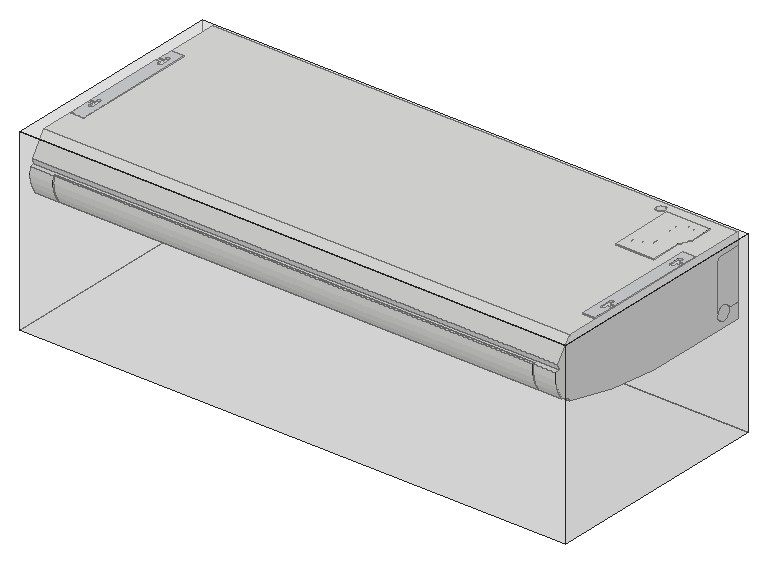
Revit family "outputfile", category 機械設備, Revit 2024
Family settings
  丸型コネクタ寸法 = 半径を使用
  パーツ タイプ = 標準
  OmniClass 番号 = 23.75.10.24.21.27.27
  OmniClass タイトル = Split System Air Conditioning Units
  作業面ベース = いいえ
  常に垂直 = はい
  ロード時にボイドで切り取り = いいえ
  注釈の向きを維持 = いいえ
  共有 = いいえ
  部屋計算ポイント = はい
Parameters (values of type "FHA100CVMV")
  Description = ""
  製造元 = "Daikin"
  書き出し IFC クラス(タイプ) = "IfcUnitaryEquipmentType"
  定義済み IFC タイプ(タイプ) = "AIRCONDITIONINGUNIT"
  Cost = 0
  モデル = "FHA100CVMV"
  Type Comments = ""
  Keynote = ""
  Type Image = (empty or 0)
  Assembly Code = ""
  switch_frequency = yes
  r_Liquid Pipe Size = Liquid Pipe Size / 2  # 4.75 mm
  r_Gas Pipe Size = Gas Pipe Size / 2  # 7.95 mm
  r_Drain Pipe Size = Drain Pipe Size / 2  # 10.0 mm
  l_powersupply [instance] = if(Rear Right Connection_powersupply, 29.0 mm, 175.0 mm)  # 29.0 mm
  h_mountinghole = 2.0 mm  # constant formula
  connector_voltage = Voltage_50Hz  # 230 V
  connector_powerinput = [Power Input (Cooling)]  # 3.240 kW
  connector_phase = Phase_50Hz  # 1
  angle_vertical_powersupply [instance] = if(Rear Right Connection_powersupply, 90.00°, 180.00°)  # 90.00°
  angle_vertical_drainpipe [instance] = if(or(Left Connection_drainpipe, Right Connection_drainpipe), 90.00°, if(Top Connection_drainpipe, 180.00°, -90.00°))  # -90.00°
  angle_horizontal_powersupply [instance] = if(Rear Right Connection_powersupply, 180.00°, 0.00°)  # 180.00°
  angle_horizontal_drainpipe [instance] = if(Right Connection_drainpipe, 90.00°, if(Left Connection_drainpipe, -90.00°, 0.00°))  # 0.00°
  Voltage_comment_60Hz = "220-230"
  Voltage_comment_50Hz = "220 - 240"
  Voltage_60Hz = 220 V
  Voltage_50Hz = 230 V
  URL = ""
  Top Connection_refrigerant [instance] = no
  Top Connection_powersupply [instance] = not(Rear Right Connection_powersupply)  # no
  Right Connection_refrigerant [instance] = no
  Rear Right Connection_refrigerant [instance] = yes
  Phase_60Hz = 1
  Phase_50Hz = 1
  Minimum Circuit Amps_60Hz = 0.0 A
  Minimum Circuit Amps_50Hz = 0.0 A
  Maximum Fuse Amps_60Hz = 0.0 A
  Maximum Fuse Amps_50Hz = 0.0 A
  Material_Casing = DAIKIN_White_Casing_indoorunit
  lw_powersupply [instance] = if(Rear Right Connection_powersupply, 220.0 mm, 210.0 mm)  # 220.0 mm
  lw_mountinghole_pitch = Width - 40.0 mm  # 1550.0 mm
  lw_mountinghole = 20.0 mm  # constant formula
  lw_liquidpipe [instance] = if(Right Connection_refrigerant, 156.0 mm, if(Top Connection_refrigerant, 156.0 mm, 136.0 mm))  # 136.0 mm
  lw_gaspipe = 105.0 mm  # constant formula
  lw_drainpipe [instance] = if(Top Connection_drainpipe, 102.0 mm, if(Width = 960.0 mm, if(or(Left Connection_drainpipe, Rear Left Connection_drainpipe), 884.0 mm, 83.0 mm), if(Width = 1270.0 mm, if(or(Left Connection_drainpipe, Rear Left Connection_drainpipe), 1194.0 mm, 83.0 mm), if(Width = 1590.0 mm, if(or(Left Connection_drainpipe, Rear Left Connection_drainpipe), 1514.0 mm, 83.0 mm), 83.0 mm))))  # 83.0 mm
  lh_powersupply = 175.0 mm  # constant formula
  lh_liquidpipe [instance] = if(Rear Right Connection_refrigerant, 160.0 mm, 131.0 mm)  # 160.0 mm
  lh_gaspipe [instance] = if(Rear Right Connection_refrigerant, 150.0 mm, 91.0 mm)  # 150.0 mm
  lh_drainpipe = 197.0 mm  # constant formula
  l_antena = 1.0 mm  # constant formula
  ld_powersupply = 30.0 mm  # constant formula
  ld_mountinghole_pitch = 260.0 mm  # constant formula
  ld_mountinghole = 210.0 mm  # constant formula
  ld_liquidpipe [instance] = if(Right Connection_refrigerant, 57.0 mm, if(Top Connection_refrigerant, 189.0 mm, 221.0 mm))  # 221.0 mm
  ld_gaspipe [instance] = if(Right Connection_refrigerant, 57.0 mm, if(Top Connection_refrigerant, 163.0 mm, 214.0 mm))  # 214.0 mm
  ld_drainpipe [instance] = if(or(Left Connection_drainpipe, Right Connection_drainpipe), 57.0 mm, if(Top Connection_drainpipe, 87.0 mm, 268.0 mm))  # 268.0 mm
  l_liquidpipe_length [instance] = if(Right Connection_refrigerant, 156.0 mm, if(Top Connection_refrigerant, 131.0 mm, 220.0 mm))  # 220.0 mm
  l_gaspipe_length [instance] = if(Right Connection_refrigerant, 105.0 mm, if(Top Connection_refrigerant, 91.0 mm, 213.0 mm))  # 213.0 mm
  l_drainpipe_length [instance] = if(Right Connection_drainpipe, 83.0 mm, if(Top Connection_drainpipe, 197.0 mm, if(Left Connection_drainpipe, 76.0 mm, 267.0 mm)))  # 267.0 mm
  h*** = 0.0 mm  # constant formula
  angle_vertical [instance] = if(Right Connection_refrigerant, 90.00°, if(Top Connection_refrigerant, 180.00°, -90.00°))  # -90.00°
  angle_horizontal [instance] = if(Right Connection_refrigerant, 90.00°, 0.00°)  # 0.00°
  Width = 1590.0 mm
  Version = "ver.1.0"
  Unit Type = "Ceiling"
  Unit Mass Weight = 38.00 kg
  Unit Designation [instance] = ""
  Uniclass2015Version = "Products v1.30"
  Uniclass2015Title = "Split coil room air conditioning units"
  Uniclass2015Code = "Pr_70_65_03_86"
  Total Cooling Capacity [instance] = 0.000 kW
  Top Connection_drainpipe [instance] = no
  Sound Pressure Level_M speed (dBA) = 38
  Sound Pressure Level_L speed (dBA) = 34
  Sound Pressure Level_H speed (dBA) = 42
  Series = "SkyAir_Fan Coil Unit"
  Sensible Cooling Capacity [instance] = 0.000 kW
  Rear Right Connection_drainpipe [instance] = yes
  Rear Right Connection_powersupply [instance] = yes
  Right Connection_drainpipe [instance] = no
  Refrigerant Type = "R32"
  Power Input (Cooling) = 3.240 kW
  Option Accessory 3 [instance] = ""
  Option Accessory 2 [instance] = ""
  Option Accessory 1 [instance] = ""
  Nominal Cooling Capacity = 10.000 kW
  Minimum Airflow = 1200.00 m³/h
  Median Airflow = 1440.00 m³/h
  Maximum Airflow = 1680.00 m³/h
  Load Classification = HVAC
  Liquid Pipe Size = 9.5 mm
  Link_Nested Family [instance] = ""
  Rear Left Connection_drainpipe [instance] = no
  Left Connection_drainpipe [instance] = no
  IfcVersion = ""
  IfcExportType = "AIRCONDITIONINGUNIT"
  IfcExportAs = "IfcUnitaryEquipmentType"
  Height = 235.0 mm
  Heat Exchanger Type = "Cross Fin Coil"
  Gas Pipe Size = 15.9 mm
  Frequency_60Hz = 60 Hz
  Frequency_50Hz = 50 Hz
  Fan Type = "Sirocco Fan"
  Fan Drive = "-"
  FCU Tag No. [instance] = ""
  Drain Pipe Size = 20.0 mm
  Design Supply Airflow [instance] = 0.00 m³/h
  Design Outdoor Airflow [instance] = 0.00 m³/h
  Depth = 690.0 mm
  既定の高さ = 0.0 mm
  Cooling Entering Wet Bulb Temperature [instance] = 0.00 °C
  Cooling Entering Dry Bulb Temperature [instance] = 0.00 °C
  Cooling Ambient Wet Bulb Temperature [instance] = 0.00 °C
  Cooling Ambient Dry Bulb Temperature [instance] = 0.00 °C
  Clearance visibility [instance] = yes
  Clearance Top = 5.0 mm
  Clearance Right = 30.0 mm
  Clearance Rear = 0.0 mm
  Clearance Left = 30.0 mm
  Clearance Front = 0.0 mm
  Clearance Bottom = 300.0 mm
Reference planes
  plane 1 "Back": y = 0
  plane 2: z = 0
  plane 3 "Center (Left/Right)": x = 0
  plane 4 "Center (Front/Back)": y = -1
  plane 5 "Front": y = -690
  plane 6 "Left": x = -795
  plane 7 "Right": x = 795
  plane 8 "Top": z = 0
  plane 9 "Bottom": z = -235
  plane 10: y = -690
  plane 11: x = -825
  plane 12: x = 825
  plane 13: z = 5
  plane 14: z = -535
  plane 15: y = 0
  plane 16 "lw_mountinghole": x = -775
  plane 17 "lw_mountinghole2": x = 775
  plane 18 "ld_mountinghole": y = -210
  plane 19 "ld_mountinghole2": y = -470
  plane 20 "lw_gaspipe": x = 690
  plane 21 "ld_gaspipe": y = -214
  plane 22 "lh_gaspipe": z = -150
  plane 23 "lw_liquidpipe": x = 659
  plane 24 "ld_liquidpipe": y = -221
  plane 25 "lh_liquidpipe": z = -160
  plane 26 "ld_drainpipe": y = -268
  plane 27 "lw_drainpipe": x = 712
  plane 28 "lh_drainpipe": z = -197
  plane 29 "lw_powersupply": x = 575
  plane 30 "lh_powersupply": z = -175
  plane 31 "ld_powersupply": y = -30
  plane 32: x = -725.5
  plane 33: x = 725.5
  plane 34: x = -750
  plane 35: x = 750
  plane 36: x = -2
  plane 37: x = 2
Forms (mm)
  Extrusion 1, solid, material "DAIKIN_White_Casing_indoorunit" <- "Material_Casing"
    sketch origin (0, 0, 0) x (0, 1, 0) y (0, 0, 1)
      loop
        line (-639.277, 0) -> (-680.876, -61.699) -> (-675.026, -77.772)
        arc (-675.026, -77.772) -> (-681.815, -78.743) -> (-688.601, -79.732) r 2634.132
        arc (-688.601, -79.732) -> (-687.018, -121.096) -> (-669.159, -158.439) r 102.2
        line (-669.159, -158.439) -> (-639.858, -169.325) -> (-635.895, -178.261)
        arc (-635.895, -178.261) -> (-479.121, -215.759) -> (-319.077, -235) r 1400.997
        line (-319.077, -235) -> (-1, -235) -> (-1, 0) -> (-639.277, 0)
    from -795 to 795
  Extrusion 2, solid, material "DAIKIN_White_Casing_indoorunit" <- "Material_Casing"
    sketch origin (0, 0, 0) x (0, 1, 0) y (0, 0, 1)
      loop
        arc (-688.601, -79.732) -> (-687.018, -121.096) -> (-669.159, -158.439) r 102.2
        line (-669.159, -158.439) -> (-665.589, -154.869)
        arc (-665.589, -154.869) -> (-682.432, -118.783) -> (-683.39, -78.971) r 97.2
        arc (-683.39, -78.971) -> (-685.996, -79.351) -> (-688.601, -79.732) r 2634.132
    from -725.5 to 725.5
  Extrusion 3, void
    sketch origin (0, 0, 0) x (0, 1, 0) y (0, 0, 1)
      loop
        line (-301.098, -235) -> (-21.098, -235) -> (-21.098, -230) -> (-301.098, -230) -> (-301.098, -235)
    from -750 to 750
  Extrusion 4, solid, material "DAIKIN_White_Grille_indoorunit"
    sketch origin (0, 0, 0) x (0, 1, 0) y (0, 0, 1)
      loop
        line (-20.098, -230) -> (-301.098, -230) -> (-301.098, -235) -> (-20.098, -235) -> (-20.098, -230)
    from -750 to -2
  Extrusion 5, solid, material "DAIKIN_White_Casing_indoorunit" <- "Material_Casing"
    sketch origin (0, 0, 0) x (1, 0, 0) y (0, 0, 1)
      loop
        line (602, -63) -> (602, -178) -> (673, -220) -> (736, -220) -> (736, -63) -> (602, -63)
    from 0 to 1
  Extrusion 6, solid, material "DAIKIN_White_Casing_indoorunit" <- "Material_Casing"
    sketch origin (0, 0, 0) x (-1, 0, 0) y (0, -1, 0)
      loop
        line (-607, 35) -> (-607, 230) -> (-723, 230) -> (-723, 135) -> (-738, 105) -> (-738, 35) -> (-607, 35)
    from 0 to 1.9
  Extrusion 7, void
    sketch origin (795, 0, 0) x (0, 1, 0) y (0, 0, 1)
      loop
        arc (-79.5, -195) -> (-55.446, -217.446) -> (-34.715, -191.9) r 22.5
        line (-34.715, -191.9) -> (-1, -191.9) -> (-1, -190.1) -> (-35.04, -190.1)
        arc (-35.04, -190.1) -> (-54.942, -172.594) -> (-77.7, -186.182) r 22.5
        line (-77.7, -186.182) -> (-77.7, -43)
        arc (-77.7, -43) -> (-76.528, -40.172) -> (-73.7, -39) r 4
        line (-73.7, -39) -> (-1, -39) -> (-1, -37.2) -> (-73.7, -37.2)
        arc (-73.7, -37.2) -> (-77.801, -38.899) -> (-79.5, -43) r 5.8
        line (-79.5, -43) -> (-79.5, -195)
      loop
        circle (-57, -195) r 20.7
    from 0 to -10
  Extrusion 8, void
    sketch origin (-1444.026, -1, 1200) x (1, 0, 0) y (0, 0, 1)
      loop
        arc (715.026, -1375) -> (704.42, -1379.393) -> (700.026, -1390) r 15
        line (700.026, -1390) -> (700.026, -1400)
        arc (700.026, -1400) -> (704.42, -1410.607) -> (715.026, -1415) r 15
        line (715.026, -1415) -> (745.026, -1415)
        arc (745.026, -1415) -> (755.633, -1410.607) -> (760.026, -1400) r 15
        line (760.026, -1400) -> (760.026, -1390)
        arc (760.026, -1390) -> (755.633, -1379.393) -> (745.026, -1375) r 15
        line (745.026, -1375) -> (715.026, -1375)
    from 0 to 10
  Extrusion 9, void
    sketch origin (-795, 0, 0) x (0, 1, 0) y (0, 0, 1)
      loop
        circle (-57, -197) r 22.5
    from 0 to 10
  Extrusion 10, void
    sketch origin (-1444.026, -1, 1200) x (1, 0, 0) y (0, 0, 1)
      loop
        circle (2136.026, -1375) r 44
    from 0 to 10
  Extrusion 11, void
    sketch origin (0, 0, 0) x (-1, 0, 0) y (0, -1, 0)
      loop
        circle (-693, 87) r 30
    from 0 to -10
  Extrusion 12, void
    sketch origin (0, 0, 0) x (-1, 0, 0) y (0, -1, 0)
      loop
        circle (-690, 163) r 18
    from 0 to -10
  Extrusion 13, void
    sketch origin (0, 0, 0) x (-1, 0, 0) y (0, -1, 0)
      loop
        circle (-639, 189) r 13
    from 0 to -10
  Extrusion 14, void
    sketch origin (-1444.026, -1, 1200) x (1, 0, 0) y (0, 0, 1)
      loop
        circle (2019.026, -1375) r 14.5
    from 0 to 10
  Extrusion 15, void
    sketch origin (0, 0, 0) x (-1, 0, 0) y (0, -1, 0)
      loop
        circle (-585, 30) r 14.5
    from 0 to -10
  Extrusion 16, void
    sketch origin (795, 0, 0) x (0, 1, 0) y (0, 0, 1)
      loop
        arc (-665.589, -154.869) -> (-682.432, -118.783) -> (-683.39, -78.971) r 97.2
        arc (-683.39, -78.971) -> (-685.996, -79.351) -> (-688.601, -79.732) r 2634.132
        arc (-688.601, -79.732) -> (-687.018, -121.096) -> (-669.159, -158.439) r 102.2
        line (-669.159, -158.439) -> (-665.589, -154.869)
    from -69.5 to -1520.5
  Extrusion 17, solid, material "DAIKIN_White_Casing_indoorunit" <- "Material_Casing"
    sketch origin (-795, 0, 0) x (0, 1, 0) y (0, 0, 1)
      loop
        circle (-57, -197) r 22.5
    from 0 to 10
  Extrusion 18, solid, material "DAIKIN_White_Grille_indoorunit"
    sketch origin (780, 0, 0) x (0, 1, 0) y (0, 0, 1)
      loop
        line (-20.098, -230) -> (-301.098, -230) -> (-301.098, -235) -> (-20.098, -235) -> (-20.098, -230)
    from -782 to -778
  Extrusion 19, solid, material "DAIKIN_White_Grille_indoorunit"
    sketch origin (0, 0, 0) x (0, 1, 0) y (0, 0, -1)
      loop
        line (-20.098, 230) -> (-20.098, 235) -> (-301.098, 235) -> (-301.098, 230) -> (-20.098, 230)
    from -750 to -2
Cuts and joins
  Extrusion 3, Extrusion 7, Extrusion 8, Extrusion 9, Extrusion 10, Extrusion 11, Extrusion 12, Extrusion 13, Extrusion 14, Extrusion 15, Extrusion 16 cuts Extrusion 1
Lines and regions (mm)
  reference lines
    curve 1: line (795, -580.282, -192.75) -> (795, -551.225, -200.21)
Dimensions and locks
  equal spacing: plane 6 "Left", plane 3 "Center (Left/Right)", plane 7 "Right"
  "Width": plane 6 "Left" to plane 7 "Right"
  "Depth": plane 5 "Front" to plane 1 "Back"
  "Height": plane 8 "Top" to plane 9 "Bottom"
  "Clearance Front": plane 10 to plane 5 "Front"
  "Clearance Left": plane 11 to plane 6 "Left"
  "Clearance Right": plane 7 "Right" to plane 12
  "Clearance Top": plane 13 to plane 8 "Top"
  "Clearance Bottom": plane 9 "Bottom" to plane 14
  "Clearance Rear": plane 1 "Back" to plane 15
  locked: plane 4 "Center (Front/Back)" to plane 1 "Back" at 1
  locked: Extrusion 1 sketch curve to Extrusion 1 sketch curve at 235
  locked: Extrusion 1 sketch curve to Extrusion 1 sketch curve at 318.077
  locked: Extrusion 1 sketch curve to Extrusion 1 sketch curve at 1163.297
  locked: Extrusion 1 sketch curve to Extrusion 1 sketch curve at 231.144
  Extrusion 3 sketch curve to Extrusion 3 sketch curve to plane 1 "Back" = 280.0 mm locked, 21.098 mm locked
  "ld_mountinghole": plane 18 "ld_mountinghole" to plane 1 "Back"
  "ld_mountinghole_pitch": plane 18 "ld_mountinghole" to plane 19 "ld_mountinghole2"
  "lw_mountinghole_pitch": plane 16 "lw_mountinghole" to plane 17 "lw_mountinghole2"
  "lw_mountinghole": plane 6 "Left" to plane 16 "lw_mountinghole"
  "lw_gaspipe": plane 20 "lw_gaspipe" to plane 7 "Right"
  "ld_gaspipe": plane 1 "Back" to plane 21 "ld_gaspipe"
  "lw_liquidpipe": plane 23 "lw_liquidpipe" to plane 7 "Right"
  "ld_liquidpipe": plane 1 "Back" to plane 24 "ld_liquidpipe"
  "lw_drainpipe": plane 27 "lw_drainpipe" to plane 7 "Right"
  "ld_drainpipe": plane 26 "ld_drainpipe" to plane 1 "Back"
  plane 8 "Top" to Extrusion 5 sketch curve to Extrusion 5 sketch curve = 63.0 mm locked, 157.0 mm locked
  plane 7 "Right" to Extrusion 5 sketch curve to Extrusion 5 sketch curve = 59.0 mm locked, 134.0 mm locked
  locked: Extrusion 5 sketch curve to Extrusion 5 sketch curve at 115
  locked: Extrusion 5 sketch curve to Extrusion 5 sketch curve at 63
  locked: Extrusion 6 sketch curve to Extrusion 6 sketch curve at 195
  locked: Extrusion 6 sketch curve to Extrusion 6 sketch curve at 116
  locked: Extrusion 6 sketch curve to Extrusion 6 sketch curve at 131
  locked: Extrusion 6 sketch curve to Extrusion 6 sketch curve at 100
  locked: Extrusion 6 sketch curve to plane 1 "Back" at 35
  locked: Extrusion 6 sketch curve to plane 7 "Right" at 57
  locked: Extrusion 8 sketch curve to Extrusion 8 sketch curve at 40
  locked: Extrusion 8 sketch curve to Extrusion 8 sketch curve at 60
  locked: plane 8 "Top" to Extrusion 8 sketch curve at 175
  locked: Extrusion 8 sketch curve to plane 6 "Left" at 51
  locked: plane 7 "Right" to Extrusion 10 sketch curve at 103
  locked: plane 8 "Top" to Extrusion 10 sketch curve at 175
  locked: Extrusion 11 sketch curve to plane 1 "Back" at 87
  locked: Extrusion 11 sketch curve to plane 7 "Right" at 102
  locked: Extrusion 12 sketch curve to plane 1 "Back" at 163
  locked: Extrusion 12 sketch curve to plane 7 "Right" at 105
  locked: Extrusion 13 sketch curve to plane 1 "Back" at 189
  locked: Extrusion 13 sketch curve to plane 7 "Right" at 156
  "lw_powersupply": plane 29 "lw_powersupply" to plane 7 "Right"
  "lh_gaspipe": plane 8 "Top" to plane 22 "lh_gaspipe"
  "lh_liquidpipe": plane 8 "Top" to plane 25 "lh_liquidpipe"
  "lh_powersupply": plane 8 "Top" to plane 30 "lh_powersupply"
  "lh_drainpipe": plane 8 "Top" to plane 28 "lh_drainpipe"
  "ld_powersupply": plane 1 "Back" to plane 31 "ld_powersupply"
  locked: plane 8 "Top" to Extrusion 7 sketch curve at 195
  locked: Extrusion 7 sketch curve to plane 1 "Back" at 57
  locked: plane 9 "Bottom" to Extrusion 7 sketch curve at 43.1
  locked: Extrusion 7 sketch curve to plane 8 "Top" at 39
  locked: Extrusion 7 sketch curve to plane 1 "Back" at 79.5
  locked: Extrusion 9 sketch curve to plane 1 "Back" at 57
  locked: plane 8 "Top" to Extrusion 9 sketch curve at 197
  locked: Extrusion 17 sketch curve to plane 1 "Back" at 57
  locked: plane 8 "Top" to Extrusion 17 sketch curve at 197
  locked: plane 7 "Right" to Extrusion 14 sketch curve at 220
  locked: plane 8 "Top" to Extrusion 14 sketch curve at 175
  locked: Extrusion 15 sketch curve to plane 7 "Right" at 210
  locked: Extrusion 15 sketch curve to plane 1 "Back" at 30
  locked: curve 1 to plane 9 "Bottom" at 34.79
  locked: curve 1 to plane 9 "Bottom" at 42.25
  locked: plane 6 "Left" to plane 32 at 69.5
  locked: plane 33 to plane 7 "Right" at 69.5
  locked: plane 35 to plane 7 "Right" at 45
  locked: plane 6 "Left" to plane 34 at 45
  plane 36 to plane 3 "Center (Left/Right)" to plane 37 = 2.0 mm locked, 2.0 mm locked
  locked: curve 1 to plane 9 "Bottom" (angle 14.40°)
  aligned and locked: level to plane 2
  aligned and locked: nested 1 to plane 11
  aligned and locked: nested 1 to plane 12
  aligned and locked: nested 1 to plane 10
  aligned and locked: plane 13 to nested 1
  aligned and locked: plane 14 to nested 1
  aligned and locked: plane 15 to nested 1
  aligned and locked: Extrusion 1 sketch curve to plane 8 "Top"
  aligned and locked: Extrusion 2 sketch curve to Extrusion 1  (x2)
  aligned and locked: plane 7 "Right" to Extrusion 1
  aligned and locked: Extrusion 1 to plane 6 "Left"
  aligned and locked: cut or joined group 1 (Extrusion 1, Extrusion 3, Extrusion 7, Extrusion 8, Extrusion 9, Extrusion 10, Extrusion 11, Extrusion 12, Extrusion 13, Extrusion 14, Extrusion 15, Extrusion 16) to Extrusion 3 sketch curve
  aligned and locked: cut or joined group 1 to Extrusion 4 sketch curve
  aligned and locked: Extrusion 5 to plane 4 "Center (Front/Back)"
  aligned and locked: Extrusion 7 sketch curve to plane 4 "Center (Front/Back)"
  aligned and locked: Extrusion 16 sketch curve to Extrusion 2  (x4)
  aligned and locked: Extrusion 16 to Extrusion 2  (x2)
  aligned and locked: nested 2 to plane 26 "ld_drainpipe"
  aligned and locked: plane 27 "lw_drainpipe" to nested 2
  aligned and locked: plane 20 "lw_gaspipe" to nested 3
  aligned and locked: nested 3 to plane 21 "ld_gaspipe"
  aligned and locked: plane 23 "lw_liquidpipe" to nested 4
  aligned and locked: nested 4 to plane 24 "ld_liquidpipe"
  aligned and locked: plane 25 "lh_liquidpipe" to nested 4
  aligned and locked: nested 5 to plane 31 "ld_powersupply"
  aligned and locked: plane 29 "lw_powersupply" to nested 5
  aligned and locked: nested 7 to plane 18 "ld_mountinghole"
  aligned and locked: plane 16 "lw_mountinghole" to nested 7
  aligned and locked: nested 6 to plane 19 "ld_mountinghole2"
  aligned and locked: plane 16 "lw_mountinghole" to nested 6
  aligned and locked: nested 9 to plane 18 "ld_mountinghole"
  aligned and locked: plane 17 "lw_mountinghole2" to nested 9
  aligned and locked: plane 17 "lw_mountinghole2" to nested 8
  aligned and locked: nested 8 to plane 19 "ld_mountinghole2"
  aligned and locked: nested 10 to curve 1
  aligned and locked: level to plane 8 "Top"
  aligned and locked: cut or joined group 1 to plane 32
  aligned and locked: plane 33 to cut or joined group 1
  aligned and locked: Extrusion 16 to plane 32
  aligned and locked: plane 33 to Extrusion 16
  aligned and locked: Extrusion 4 to plane 34
  aligned and locked: cut or joined group 1 to plane 34
  aligned and locked: plane 34 to Extrusion 4  (x3)
  aligned and locked: plane 16 "lw_mountinghole" to nested 11
  aligned and locked: plane 17 "lw_mountinghole2" to nested 12
  aligned and locked: plane 36 to Extrusion 4
  aligned and locked: Extrusion 18 to plane 36
  aligned and locked: plane 37 to Extrusion 18
  aligned and locked: Extrusion 19 to plane 37
  aligned and locked: plane 37 to Extrusion 19
  aligned and locked: plane 35 to Extrusion 19
  aligned and locked: plane 35 to Extrusion 3
  aligned and locked: Extrusion 4 to cut or joined group 1
  aligned and locked: cut or joined group 1 to Extrusion 18
  aligned and locked: cut or joined group 1 to Extrusion 19
Automatic sketch dimensions
  Extrusion 1 sketch curve to plane 4 "Center (Front/Back)" = 0.0 mm
  Extrusion 1 sketch curve to plane 5 "Front" = 102.2 mm
  Extrusion 1 sketch curve to plane 30 "lh_powersupply" = 3.261 mm
  Extrusion 1 sketch curve to plane 5 "Front" = 50.723 mm
  plane 30 "lh_powersupply" to Extrusion 1 sketch curve = 5.675 mm
  Extrusion 1 sketch curve to Extrusion 1 sketch curve = 3.963 mm
  plane 25 "lh_liquidpipe" to Extrusion 1 sketch curve = 1.561 mm
  Extrusion 1 sketch curve to plane 5 "Front" = 20.841 mm
  Extrusion 1 sketch curve to plane 5 "Front" = 14.974 mm
  Extrusion 1 sketch curve to plane 5 "Front" = 9.124 mm
  Extrusion 1 sketch curve to plane 26 "ld_drainpipe" = 37.278 mm
  Extrusion 1 sketch curve to plane 14 = 2150.825 mm
  plane 22 "lh_gaspipe" to Extrusion 1 sketch curve = 53.413 mm
  Extrusion 1 sketch curve to level = 77.772 mm
  Extrusion 1 sketch curve to Extrusion 1 sketch curve = 16.072 mm
  Extrusion 2 sketch curve to Extrusion 2 sketch curve = 0.0 mm  (x2)
  plane 25 "lh_liquidpipe" to Extrusion 2 sketch curve = 1.561 mm
  Extrusion 2 sketch curve to plane 22 "lh_gaspipe" = 4.869 mm
  Extrusion 2 sketch curve to Extrusion 2 sketch curve = 3.57 mm
  Extrusion 3 sketch curve to Extrusion 3 sketch curve = 5.0 mm
  plane 31 "ld_powersupply" to Extrusion 4 sketch curve = 9.902 mm
  Extrusion 4 sketch curve to Extrusion 4 sketch curve = 5.0 mm
  Extrusion 6 sketch curve to Extrusion 6 sketch curve = 30.0 mm
  Extrusion 7 sketch curve to Extrusion 7 sketch curve = 0.0 mm  (x6)
  Extrusion 7 sketch curve to plane 4 "Center (Front/Back)" = 0.0 mm  (x2)
  Extrusion 7 sketch curve to Extrusion 7 sketch curve = 1.8 mm  (x2)
  Extrusion 7 sketch curve to Extrusion 7 sketch curve = 4.0 mm
  Extrusion 7 sketch curve to Extrusion 7 sketch curve = 0.325 mm
  Extrusion 8 sketch curve to plane 32 = 3.5 mm  (x2)
  Extrusion 8 sketch curve to plane 28 "lh_drainpipe" = 3.0 mm
  Extrusion 8 sketch curve to Extrusion 8 sketch curve = 15.0 mm
  curve 1 to plane 5 "Front" = 109.718 mm
  Extrusion 18 sketch curve to plane 9 "Bottom" = 0.0 mm
  plane 9 "Bottom" to Extrusion 18 sketch curve = 5.0 mm
  Extrusion 18 sketch curve to plane 26 "ld_drainpipe" = 33.098 mm
  plane 31 "ld_powersupply" to Extrusion 18 sketch curve = 9.902 mm
  Extrusion 19 sketch curve to plane 9 "Bottom" = 0.0 mm
  plane 9 "Bottom" to Extrusion 19 sketch curve = 5.0 mm
  Extrusion 19 sketch curve to plane 26 "ld_drainpipe" = 33.098 mm
  plane 31 "ld_powersupply" to Extrusion 19 sketch curve = 9.902 mm
  Extrusion 4 sketch curve to plane 26 "ld_drainpipe" = 33.098 mm
  radius of Extrusion 7 sketch curve = 20.7 mm
  radius of Extrusion 9 sketch curve = 22.5 mm
  radius of Extrusion 10 sketch curve = 44.0 mm
  radius of Extrusion 11 sketch curve = 30.0 mm
  radius of Extrusion 12 sketch curve = 18.0 mm
  radius of Extrusion 13 sketch curve = 13.0 mm
  radius of Extrusion 14 sketch curve = 14.5 mm
  radius of Extrusion 15 sketch curve = 14.5 mm
  radius of Extrusion 17 sketch curve = 22.5 mm
Nested families
  nested 1: "daikin_clearancespace" at (0, -345, -264.881), visible <- "Clearance visibility", show <- "Clearance visibility", Link_Nested Family <- "Link_Nested Family", type "daikin_clearancespace"
    with width 1650.0 mm, show yes, height 540.0 mm, depth 690.0 mm, Link_Nested Family ""
  nested 2: "daikin_connector_rotate3" at (712, -268, -197), radius <- "r_Drain Pipe Size", angle_vertical <- "angle_vertical_drainpipe", angle_horizontal <- "angle_horizontal_drainpipe", length <- "l_drainpipe_length", type "daikin_connector_rotate3"
    with show no, radius 10.0 mm, length 267.0 mm, angle_vertical -90.00°, angle_horizontal 0.00°
  nested 3: "daikin_connector_rotate3" at (690, -214, -150), radius <- "r_Gas Pipe Size", angle_vertical <- "angle_vertical", angle_horizontal <- "angle_horizontal", length <- "l_gaspipe_length", type "daikin_connector_rotate3"
    with show no, radius 7.95 mm, length 213.0 mm, angle_vertical -90.00°, angle_horizontal 0.00°
  nested 4: "daikin_connector_rotate3" at (659, -221, -160), radius <- "r_Liquid Pipe Size", angle_vertical <- "angle_vertical", angle_horizontal <- "angle_horizontal", length <- "l_liquidpipe_length", type "daikin_connector_rotate3"
    with show no, radius 4.75 mm, length 220.0 mm, angle_vertical -90.00°, angle_horizontal 0.00°
  nested 5: "daikin_connector_rotate3" at (575, -30, -175), length <- "l_powersupply", angle_vertical <- "angle_vertical_powersupply", angle_horizontal <- "angle_horizontal_powersupply", type "daikin_connector_rotate3"
    with show no, radius 10.0 mm, length 29.0 mm, angle_vertical 90.00°, angle_horizontal 180.00°
  nested 6: "daikin_mountinghole" at (-775, -470, 0), l_antenna <- "l_antena", Link_Nested Family <- "Link_Nested Family", h_mountinghole <- "h_mountinghole", type "daikin_mountinghole"
    with show yes, l_antenna 1.0 mm, h_mountinghole 2.0 mm, Link_Nested Family ""
  nested 7: "daikin_mountinghole" at (-775, -210, 0), l_antenna <- "l_antena", Link_Nested Family <- "Link_Nested Family", h_mountinghole <- "h_mountinghole", type "daikin_mountinghole"
    with show yes, l_antenna 1.0 mm, h_mountinghole 2.0 mm, Link_Nested Family ""
  nested 8: "daikin_mountinghole" at (775, -470, 0), l_antenna <- "l_antena", Link_Nested Family <- "Link_Nested Family", h_mountinghole <- "h_mountinghole", type "daikin_mountinghole"
    with show yes, l_antenna 1.0 mm, h_mountinghole 2.0 mm, Link_Nested Family ""
  nested 9: "daikin_mountinghole" at (775, -210, 0), Link_Nested Family <- "Link_Nested Family", l_antenna <- "l_antena", h_mountinghole <- "h_mountinghole", type "daikin_mountinghole"
    with show yes, l_antenna 1.0 mm, h_mountinghole 2.0 mm, Link_Nested Family ""
  nested 10: "daikin_logo_plane_w40" at (647.963, -559.801, -198.008) x (1, 0, 0) z (0, -0.2487, -0.9686), type "daikin_logo_plane_w40"
    with show_logo yes
  nested 11: "daikin_hangerfixture_FHA-CVMV" at (-775, 0, 0), type "daikin_hangerfixture_FHA-CVMV"
    with width 38.0 mm, height 2.0 mm, depth 380.0 mm
  nested 12: "daikin_hangerfixture_FHA-CVMV" at (775, 0, 0) x (-1, 0, 0) z (0, 0, 1), type "daikin_hangerfixture_FHA-CVMV"
    with width 38.0 mm, height 2.0 mm, depth 380.0 mm
Connectors
  piping at (712, -1, -197), diameter 20, driven by "r_Drain Pipe Size"
    settings: on nested 2, index 1, connector inside diameter 609.6 mm, connector length 0.0 mm, flow factor 0, pipe flow 0.00 m³/h, pressure drop 0.0 Pa, fitting loss kfactor 0, connector angle 0.00°, fixture units 0, engagement length 0.0 mm, angle of deflection 0.00°, flow configuration 1, flow direction 2, fitting loss method 4, system type 16, joint type 0, gender type 0, connector reference index -1, connector utility 0, adjustable connector no, is connector primary yes, connector description "Condensate Drain Piping"
  piping at (690, -1, -150), diameter 15.9, driven by "r_Gas Pipe Size"
    settings: on nested 3, index 3, connector inside diameter 609.6 mm, connector length 0.0 mm, flow factor 0, pipe flow 0.00 m³/h, pressure drop 0.0 Pa, fitting loss kfactor 0, connector angle 0.00°, fixture units 0, engagement length 0.0 mm, angle of deflection 0.00°, flow configuration 1, flow direction 2, fitting loss method 0, system type 29, joint type 0, gender type 0, connector reference index -1, connector utility 0, adjustable connector no, is connector primary no, connector description "Refrigerant Gas Piping"
  piping at (659, -1, -160), diameter 9.5, driven by "r_Liquid Pipe Size"
    settings: on nested 4, index 4, connector inside diameter 609.6 mm, connector length 0.0 mm, flow factor 0, pipe flow 0.00 m³/h, pressure drop 0.0 Pa, fitting loss kfactor 0, connector angle 0.00°, fixture units 0, engagement length 0.0 mm, angle of deflection 0.00°, flow configuration 1, flow direction 1, fitting loss method 0, system type 29, joint type 0, gender type 0, connector reference index -1, connector utility 0, adjustable connector no, is connector primary no, connector description "Refrigerant Liquid Piping"
  electrical at (575, -1, -175), driven by "Load Classification", driven by "connector_powerinput", driven by "connector_phase", driven by "connector_voltage"
    settings: on nested 5, index 6, voltage 230 V, apparent load 3240 VA, apparent load phase1 0 VA, apparent load phase2 0 VA, apparent load phase3 0 VA, power factor 1, load classification "HVAC", number of poles 1, system type 30, power factor state 1, is connector primary yes, connector utility no, sub classification motor no, connector description "Power Supply"
Definition of nested family "daikin_clearancespace"
  Parameters (values of type "daikin_clearancespace")
    Description = "daikin_clearancespace"
    width [instance] = 1823.963 mm
    show [instance] = yes
    material = none
    height [instance] = 1359.762 mm
    depth [instance] = 880.0 mm
    Default Elevation = 0.0 mm
    Link_Nested Family [instance] = ""
  Reference planes
    plane 1 "Center (Front/Back)": y = 0
    plane 2 "Center (Elevation)": z = -0.119
    plane 3 "Center (Left/Right)": x = 0
    plane 4: y = 440
    plane 5: y = -440
    plane 6 "Right": x = 911.982
    plane 7 "Left": x = -911.982
    plane 8 "Top": z = 679.762
    plane 9 "Bottom": z = -680
  Forms (mm)
    Extrusion 1, solid, material <- "material", visible <- "show"
      sketch origin (0, 0, 0) x (1, 0, 0) y (0, 1, 0)
        loop
          line (-911.982, 440) -> (-911.982, -440) -> (911.982, -440) -> (911.982, 440) -> (-911.982, 440)
      from -680 to 679.762
  Lines and regions (mm)
    symbolic lines, visible <- "show"
      curve 1: line (911.982, 440, 0) -> (-911.982, 440, 0)
      curve 2: line (-911.982, 440, 0) -> (-911.982, -440, 0)
      curve 3: line (-911.982, -440, 0) -> (911.982, -440, 0)
      curve 4: line (911.982, -440, 0) -> (911.982, 440, 0)
      curve 5: line (911.982, 0, 679.762) -> (-911.982, 0, 679.762)
      curve 6: line (911.982, 0, -680) -> (911.982, 0, 679.762)
      curve 7: line (-911.982, 0, -680) -> (911.982, 0, -680)
      curve 8: line (-911.982, 0, 679.762) -> (-911.982, 0, -680)
      curve 9: line (0, 440, 679.762) -> (0, -440, 679.762)
      curve 10: line (0, -440, 679.762) -> (0, -440, -680)
      curve 11: line (0, 440, -680) -> (0, 440, 679.762)
      curve 12: line (0, -440, -680) -> (0, 440, -680)
  Dimensions and locks
    "width": plane 7 "Left" to plane 6 "Right"
    "depth": plane 4 to plane 5
    "height": plane 8 "Top" to plane 9 "Bottom"
    equal spacing: plane 7 "Left", plane 3 "Center (Left/Right)", plane 6 "Right"
    equal spacing: plane 4, plane 1 "Center (Front/Back)", plane 5
    equal spacing: plane 8 "Top", plane 2 "Center (Elevation)", plane 9 "Bottom"
    aligned and locked: level to plane 2 "Center (Elevation)"
    aligned and locked: Extrusion 1 sketch curve to plane 4
    aligned and locked: plane 7 "Left" to Extrusion 1 sketch curve
    aligned and locked: Extrusion 1 sketch curve to plane 5
    aligned and locked: Extrusion 1 sketch curve to plane 6 "Right"
    aligned and locked: plane 8 "Top" to Extrusion 1
    aligned and locked: curve 1 to Extrusion 1
    aligned and locked: curve 2 to Extrusion 1
    aligned and locked: curve 3 to Extrusion 1
    aligned and locked: curve 4 to Extrusion 1
    aligned and locked: curve 5 to Extrusion 1
    aligned and locked: curve 6 to Extrusion 1
    aligned and locked: curve 7 to Extrusion 1
    aligned and locked: curve 8 to Extrusion 1
    aligned and locked: curve 9 to Extrusion 1
    aligned and locked: curve 10 to Extrusion 1
    aligned and locked: curve 11 to Extrusion 1
    aligned and locked: curve 12 to Extrusion 1
    aligned and locked: Extrusion 1 to plane 9 "Bottom"
Definition of nested family "daikin_logo_plane_w40"
  Parameters (values of type "daikin_logo_plane_w40")
    width = 40.0 mm
    show_logo [instance] = yes
    material = none
    height = 0.0 mm
    depth = 0.0 mm
    Default Elevation = 1219.2 mm
  Reference planes
    plane 1 "Center (Front/Back)": y = 0
    plane 2: z = 0
    plane 3 "Center (Left/Right)": x = 0
    plane 4: z = 2
    plane 5 "left": x = -19
    plane 6: x = 19
  Forms (mm)
    Extrusion 1, solid, visible <- "show_logo"
      sketch origin (-19, 0, 0) x (1, 0, 0) y (0, 1, 0)
        loop
          line (8.902, -1.878) -> (7.789, -6.332) -> (11.13, -6.332)
          arc (11.13, -6.332) -> (12.454, -6.064) -> (13.472, -5.176) r 2.642
          arc (13.472, -5.176) -> (13.92, -4.02) -> (13.767, -2.79) r 2.537
          arc (13.767, -2.79) -> (13.452, -2.342) -> (12.982, -2.06) r 1.321
          arc (12.982, -2.06) -> (12.063, -1.902) -> (11.13, -1.878) r 6.479
          line (11.13, -1.878) -> (8.902, -1.878)
        loop
          line (10.016, -5.441) -> (10.907, -5.441)
          arc (10.907, -5.441) -> (11.591, -4.983) -> (11.988, -4.261) r 1.742
          spline (11.988, -4.261) -> (12.01, -4.155) -> (12.027, -4.03) -> (12.037, -3.893) -> (12.037, -3.747) -> (12.026, -3.598) -> (12.002, -3.451) -> (11.962, -3.31) -> (11.905, -3.181) -> (11.829, -3.069) -> (11.731, -2.978) -> (11.61, -2.913) -> (11.464, -2.88)
          line (11.464, -2.88) -> (10.573, -2.88) -> (10.016, -5.441)
        loop
          line (13.58, -6.332) -> (14.805, -6.332) -> (15.223, -5.553) -> (16.977, -5.553) -> (17.144, -6.332) -> (19.149, -6.332) -> (18.258, -1.878) -> (16.03, -1.878) -> (13.58, -6.332)
        loop
          line (16.476, -3.214) -> (15.76, -4.551) -> (16.762, -4.551) -> (16.476, -3.214)
        loop
          line (19.705, -6.332) -> (21.599, -6.332) -> (22.712, -1.878) -> (20.819, -1.878) -> (19.705, -6.332)
        loop
          line (22.712, -6.332) -> (24.606, -6.332) -> (24.908, -5.122) -> (25.831, -6.332) -> (28.17, -6.332) -> (26.388, -3.994) -> (28.949, -1.878) -> (26.945, -1.878) -> (25.401, -3.153) -> (25.719, -1.878) -> (23.826, -1.878) -> (22.712, -6.332)
        loop
          line (29.84, -1.878) -> (28.615, -6.332) -> (30.62, -6.332) -> (31.734, -1.878) -> (29.84, -1.878)
        loop
          line (31.734, -6.332) -> (33.07, -6.332) -> (33.7, -3.814) -> (34.518, -6.332) -> (36.745, -6.332) -> (37.859, -1.878) -> (36.523, -1.878) -> (35.845, -4.589) -> (34.963, -1.878) -> (32.847, -1.878) -> (31.734, -6.332)
      from 0 to 2
    Extrusion 2, solid, visible <- "show_logo"
      sketch origin (-19, 0, 0) x (1, 0, 0) y (0, 1, 0)
        loop
          line (8.7, 0) -> (4.235, 0) -> (0, -3.879) -> (0, -8) -> (8.7, 0)
      from 0 to 2
    Extrusion 3, solid, visible <- "show_logo"
      sketch origin (-19, 0, 0) x (1, 0, 0) y (0, 1, 0)
        loop
          line (0, 0) -> (0, -3.879) -> (4.235, 0) -> (0, 0)
      from 0 to 2
  Dimensions and locks
    plane 4 to plane 2 = 2.0 mm
    equal spacing: plane 5 "left", plane 3 "Center (Left/Right)", plane 6
    locked: plane 5 "left" to plane 6 at 38
    aligned and locked: level to plane 2
    aligned and locked: Extrusion 3 to plane 1 "Center (Front/Back)"  (x2)
    aligned and locked: Extrusion 2 to plane 1 "Center (Front/Back)"  (x2)
    aligned and locked: plane 4 to Extrusion 1
    aligned and locked: plane 4 to Extrusion 3
    aligned and locked: plane 4 to Extrusion 2
    aligned and locked: Extrusion 3 to plane 5 "left"
    aligned and locked: Extrusion 2 to plane 5 "left"
  Automatic sketch dimensions
    Extrusion 1 sketch curve to Extrusion 1 sketch curve = 0.901 mm
    Extrusion 1 sketch curve to Extrusion 1 sketch curve = 1.559 mm
    Extrusion 1 sketch curve to Extrusion 1 sketch curve = 1.327 mm
    Extrusion 1 sketch curve to Extrusion 1 sketch curve = 2.145 mm
    Extrusion 1 sketch curve to Extrusion 1 sketch curve = 1.448 mm
    Extrusion 1 sketch curve to Extrusion 1 sketch curve = 2.116 mm
    Extrusion 1 sketch curve to Extrusion 1 sketch curve = 1.114 mm  (x4)
    Extrusion 1 sketch curve to Extrusion 1 sketch curve = 1.336 mm  (x2)
    plane 1 "Center (Front/Back)" to Extrusion 1 sketch curve = 1.878 mm  (x5)
    Extrusion 1 sketch curve to Extrusion 1 sketch curve = 1.893 mm  (x5)
    Extrusion 1 sketch curve to Extrusion 1 sketch curve = 0.891 mm  (x4)
    Extrusion 1 sketch curve to Extrusion 1 sketch curve = 2.005 mm  (x3)
    Extrusion 1 sketch curve to Extrusion 1 sketch curve = 0.445 mm  (x2)
    plane 1 "Center (Front/Back)" to Extrusion 1 sketch curve = 3.994 mm
    Extrusion 1 sketch curve to Extrusion 1 sketch curve = 0.557 mm  (x2)
    Extrusion 1 sketch curve to Extrusion 1 sketch curve = 2.339 mm  (x2)
    Extrusion 1 sketch curve to Extrusion 1 sketch curve = 1.225 mm  (x3)
    plane 1 "Center (Front/Back)" to Extrusion 1 sketch curve = 3.153 mm
    Extrusion 1 sketch curve to Extrusion 1 sketch curve = 0.987 mm
    plane 1 "Center (Front/Back)" to Extrusion 1 sketch curve = 5.122 mm
    Extrusion 1 sketch curve to Extrusion 1 sketch curve = 0.922 mm
    plane 1 "Center (Front/Back)" to Extrusion 1 sketch curve = 6.332 mm
    Extrusion 1 sketch curve to Extrusion 1 sketch curve = 2.562 mm
    plane 1 "Center (Front/Back)" to Extrusion 1 sketch curve = 5.553 mm
    Extrusion 1 sketch curve to Extrusion 1 sketch curve = 0.167 mm
    Extrusion 1 sketch curve to Extrusion 1 sketch curve = 0.215 mm
    plane 1 "Center (Front/Back)" to Extrusion 1 sketch curve = 3.214 mm
    Extrusion 1 sketch curve to Extrusion 1 sketch curve = 0.286 mm
    plane 1 "Center (Front/Back)" to Extrusion 1 sketch curve = 4.551 mm
    Extrusion 1 sketch curve to Extrusion 1 sketch curve = 1.002 mm
    Extrusion 1 sketch curve to Extrusion 1 sketch curve = 0.537 mm
    Extrusion 1 sketch curve to Extrusion 1 sketch curve = 0.418 mm
    Extrusion 1 sketch curve to Extrusion 1 sketch curve = 1.028 mm
    plane 1 "Center (Front/Back)" to Extrusion 1 sketch curve = 4.261 mm
    Extrusion 1 sketch curve to Extrusion 1 sketch curve = 0.563 mm
    plane 1 "Center (Front/Back)" to Extrusion 1 sketch curve = 2.88 mm
    Extrusion 1 sketch curve to Extrusion 1 sketch curve = 1.088 mm
    Extrusion 1 sketch curve to Extrusion 1 sketch curve = 2.152 mm
    Extrusion 1 sketch curve to Extrusion 1 sketch curve = 0.586 mm
    Extrusion 1 sketch curve to Extrusion 1 sketch curve = 0.118 mm
    Extrusion 1 sketch curve to Extrusion 1 sketch curve = 0.298 mm
    Extrusion 1 sketch curve to Extrusion 1 sketch curve = 0.334 mm
    Extrusion 1 sketch curve to Extrusion 1 sketch curve = 0.223 mm
    Extrusion 1 sketch curve to Extrusion 1 sketch curve = 0.266 mm
    Extrusion 1 sketch curve to Extrusion 1 sketch curve = 1.671 mm
    Extrusion 1 sketch curve to Extrusion 1 sketch curve = 2.227 mm
    Extrusion 1 sketch curve to Extrusion 1 sketch curve = 0.0 mm  (x7)
    Extrusion 1 sketch curve to Extrusion 1 sketch curve = 3.453 mm
    Extrusion 1 sketch curve to Extrusion 1 sketch curve = 2.017 mm
    Extrusion 1 sketch curve to Extrusion 1 sketch curve = 0.78 mm  (x2)
    Extrusion 1 sketch curve to Extrusion 1 sketch curve = 1.743 mm
    Extrusion 1 sketch curve to Extrusion 1 sketch curve = 0.775 mm
    Extrusion 1 sketch curve to Extrusion 1 sketch curve = 0.552 mm
    Extrusion 1 sketch curve to Extrusion 1 sketch curve = 0.014 mm
    Extrusion 1 sketch curve to Extrusion 1 sketch curve = 0.952 mm
    Extrusion 1 sketch curve to Extrusion 1 sketch curve = 1.215 mm
    Extrusion 1 sketch curve to Extrusion 1 sketch curve = 0.108 mm
    plane 1 "Center (Front/Back)" to Extrusion 2 sketch curve = 0.0 mm
    Extrusion 2 sketch curve to plane 3 "Center (Left/Right)" = 19.0 mm
    Extrusion 2 sketch curve to plane 3 "Center (Left/Right)" = 14.765 mm
    Extrusion 2 sketch curve to Extrusion 2 sketch curve = 4.465 mm
    plane 1 "Center (Front/Back)" to Extrusion 2 sketch curve = 3.879 mm
    Extrusion 2 sketch curve to Extrusion 2 sketch curve = 4.12 mm
    plane 1 "Center (Front/Back)" to Extrusion 3 sketch curve = 0.0 mm
    Extrusion 3 sketch curve to plane 3 "Center (Left/Right)" = 19.0 mm
    Extrusion 3 sketch curve to plane 3 "Center (Left/Right)" = 14.765 mm
    plane 1 "Center (Front/Back)" to Extrusion 3 sketch curve = 3.879 mm
    Extrusion 1 sketch curve to plane 3 "Center (Left/Right)" = 11.211 mm
    Extrusion 1 sketch curve to Extrusion 1 sketch curve = 1.782 mm
Definition of nested family "daikin_hangerfixture_FHA-CVMV"
  Parameters (values of type "daikin_hangerfixture_FHA-CV2S")
    width = 44.0 mm
    material = none
    height = 155.0 mm
    depth = 33.0 mm
    Default Elevation = 0.0 mm
  Reference planes
    plane 1 "Center (Front/Back)": y = 0
    plane 2: z = 0
    plane 3 "Center (Left/Right)": x = 0
    plane 4: z = -2.3
    plane 5: z = -155
    plane 6: z = -12
  Forms (mm)
    Extrusion 1, solid
      sketch origin (0, 0, 0) x (1, 0, 0) y (0, 1, 0)
        loop
          line (20, -159) -> (-18, -159) -> (-18, -204) -> (-6, -204) -> (-6, -196)
          arc (-6, -196) -> (0, -190) -> (6, -196) r 6
          line (6, -196) -> (6, -224)
          arc (6, -224) -> (0, -230) -> (-6, -224) r 6
          line (-6, -224) -> (-6, -216) -> (-18, -216) -> (-18, -464) -> (-6, -464) -> (-6, -456)
          arc (-6, -456) -> (0, -450) -> (6, -456) r 6
          line (6, -456) -> (6, -484)
          arc (6, -484) -> (0, -490) -> (-6, -484) r 6
          line (-6, -484) -> (-6, -476) -> (-18, -476) -> (-18, -539) -> (20, -539) -> (20, -159)
      from 0 to 2
  Dimensions and locks
    plane 2 to plane 4 = 2.3 mm
    "height": plane 2 to plane 5
    locked: plane 2 to plane 6 at 12
    aligned and locked: level to plane 2
  Automatic sketch dimensions
    plane 3 "Center (Left/Right)" to Extrusion 1 sketch curve = 20.0 mm
    plane 1 "Center (Front/Back)" to Extrusion 1 sketch curve = 159.0 mm
    Extrusion 1 sketch curve to plane 3 "Center (Left/Right)" = 18.0 mm
    Extrusion 1 sketch curve to Extrusion 1 sketch curve = 380.0 mm
    Extrusion 1 sketch curve to Extrusion 1 sketch curve = 63.0 mm
    Extrusion 1 sketch curve to plane 3 "Center (Left/Right)" = 0.0 mm  (x4)
    plane 3 "Center (Left/Right)" to Extrusion 1 sketch curve = 6.0 mm
    Extrusion 1 sketch curve to Extrusion 1 sketch curve = 8.0 mm  (x4)
    Extrusion 1 sketch curve to Extrusion 1 sketch curve = 20.0 mm  (x2)
    Extrusion 1 sketch curve to Extrusion 1 sketch curve = 0.0 mm  (x2)
    Extrusion 1 sketch curve to Extrusion 1 sketch curve = 57.0 mm
    Extrusion 1 sketch curve to plane 3 "Center (Left/Right)" = 6.0 mm
Definition of nested family "daikin_connector_rotate3"
  Parameters (values of type "daikin_connector_rotate3")
    show [instance] = yes
    radius [instance] = 10.0 mm
    length [instance] = 600.0 mm
    angle_horizontal [instance] = 60.00°
    angle_vertical [instance] = 90.00°
    Default Elevation = 1219.2 mm
  Reference planes
    plane 1 "Center (Front/Back)": y = 0
    plane 2: z = 0
    plane 3 "Center (Left/Right)": x = 0
  Dimensions and locks
    "angle_horizontal": angle plane 3 "Center (Left/Right)" to nested 1
    aligned and locked: level to plane 2
    aligned and locked: plane 1 "Center (Front/Back)" to nested 1  (x2)
    aligned and locked: plane 3 "Center (Left/Right)" to nested 1
  Nested families
    nested 1: "daikin_connector_rotate2" at (0, 0, 0) x (0.5, 0.866, 0) z (0, 0, 1), angle_vertical <- "angle_vertical", length <- "length", radius <- "radius", type "daikin_connector_rotate2"
      with radius 10.0 mm, length 600.0 mm, angle_vertical 90.00°
  Definition of nested family "daikin_connector_rotate2"
    Parameters (values of type "daikin_connector_rotate2")
      show_face = yes
      radius [instance] = 10.0 mm
      length [instance] = 600.0 mm
      d_surface = 10.0 mm
      angle_vertical [instance] = 90.00°
      Default Elevation = 0.0 mm
    Reference planes
      plane 1 "Center (Front/Back)": y = 0
      plane 2: z = 0
      plane 3 "Center (Left/Right)": x = 0
    Forms (mm)
      Extrusion 1, solid, visible <- "show_face"
        sketch origin (0, -600, 0) x (1, 0, 0) y (0, 0, 1)
          loop
            circle (0, 0) r 10
        from 0 to -10
    Lines and regions (mm)
      reference lines
        curve 1: line (0, 0, 0) -> (0, -600, 0)
      symbolic lines
        curve 2: circle (0, 0, 0) r 5 normal (0, 0, 1)
      model lines, visible <- "show_face"
        curve 3: line (0, 0, 0) -> (0, -600, 0)
    Dimensions and locks
      "length": curve 1 to curve 1
      "length": curve 3 to curve 3
      "d_surface": Extrusion 1 to Extrusion 1
      "radius": radius of Extrusion 1 sketch curve
      "angle_vertical": angle curve 1 to plane 1 "Center (Front/Back)"
      "angle_vertical": angle curve 3 to plane 1 "Center (Front/Back)"
      aligned and locked: level to plane 2
      aligned and locked: plane 1 "Center (Front/Back)" to curve 1
      aligned and locked: plane 2 to curve 1
      aligned and locked: plane 1 "Center (Front/Back)" to curve 2
      aligned and locked: plane 3 "Center (Left/Right)" to curve 2
      aligned and locked: plane 1 "Center (Front/Back)" to curve 3
      aligned and locked: plane 2 to curve 3
      aligned and locked: Extrusion 1 to Extrusion 1
    Automatic sketch dimensions
      Extrusion 1 sketch curve to level = 0.0 mm
      Extrusion 1 sketch curve to plane 3 "Center (Left/Right)" = 0.0 mm
      radius of curve 2 = 5.0 mm
Definition of nested family "daikin_mountinghole"
  Parameters (values of type "daikin_mountinghole")
    Default Elevation = 1219.2 mm
    Type Comments = "mountinghole"
    show [instance] = yes
    material = none
    l_centerline = 100.0 mm
    l_antenna [instance] = 100.0 mm
    h_mountinghole [instance] = 0.0 mm
    d_circle = 30.0 mm
    Link_Nested Family [instance] = ""
  Reference planes
    plane 1 "Center (Front/Back)": y = 0
    plane 2: z = 0
    plane 3 "Center (Left/Right)": x = 0
    plane 4: y = 50
    plane 5: x = -50
    plane 6: x = 50
    plane 7: y = -50
    plane 8 "h_mountinghole": z = 0
    plane 9: z = 100
  Lines and regions (mm)
    model lines, detail levels fine
      curve 1: circle (0, 0, 0) r 15 normal (0, 0, 1)
      curve 2: line (-50, 0, 0) -> (50, 0, 0)
      curve 3: line (0, 50, 0) -> (0, -50, 0)
    symbolic lines, detail levels fine
      curve 4: circle (0, 0, 0) r 15 normal (0, 0, 1)
      curve 5: line (-50, 0, 0) -> (50, 0, 0)
      curve 6: line (0, 50, 0) -> (0, -50, 0)
    model lines
      curve 7: line (0, 0, 100) -> (0, 0, 0)
  Dimensions and locks
    equal spacing: plane 4, plane 1 "Center (Front/Back)", plane 7
    "l_centerline": plane 4 to plane 7
    equal spacing: plane 5, plane 3 "Center (Left/Right)", plane 6
    "l_centerline": plane 5 to plane 6
    "l_antenna": plane 9 to plane 8 "h_mountinghole"
    "h_mountinghole": plane 8 "h_mountinghole" to plane 2
    "d_circle": diameter of curve 1
    "d_circle": diameter of curve 4
    aligned and locked: level to plane 2
    aligned and locked: plane 1 "Center (Front/Back)" to curve 1
    aligned and locked: plane 3 "Center (Left/Right)" to curve 1
    aligned and locked: plane 1 "Center (Front/Back)" to curve 2
    aligned and locked: curve 3 to plane 3 "Center (Left/Right)"
    aligned and locked: plane 6 to curve 2
    aligned and locked: plane 5 to curve 2
    aligned and locked: plane 4 to curve 3
    aligned and locked: plane 7 to curve 3
    aligned and locked: plane 1 "Center (Front/Back)" to curve 4
    aligned and locked: plane 3 "Center (Left/Right)" to curve 4
    aligned and locked: plane 6 to curve 5
    aligned and locked: plane 5 to curve 5
    aligned and locked: plane 1 "Center (Front/Back)" to curve 5
    aligned and locked: plane 4 to curve 6
    aligned and locked: plane 7 to curve 6
    aligned and locked: curve 6 to plane 3 "Center (Left/Right)"
    aligned and locked: curve 7 to plane 3 "Center (Left/Right)"
    aligned and locked: plane 9 to curve 7
    aligned and locked: plane 8 "h_mountinghole" to curve 7
